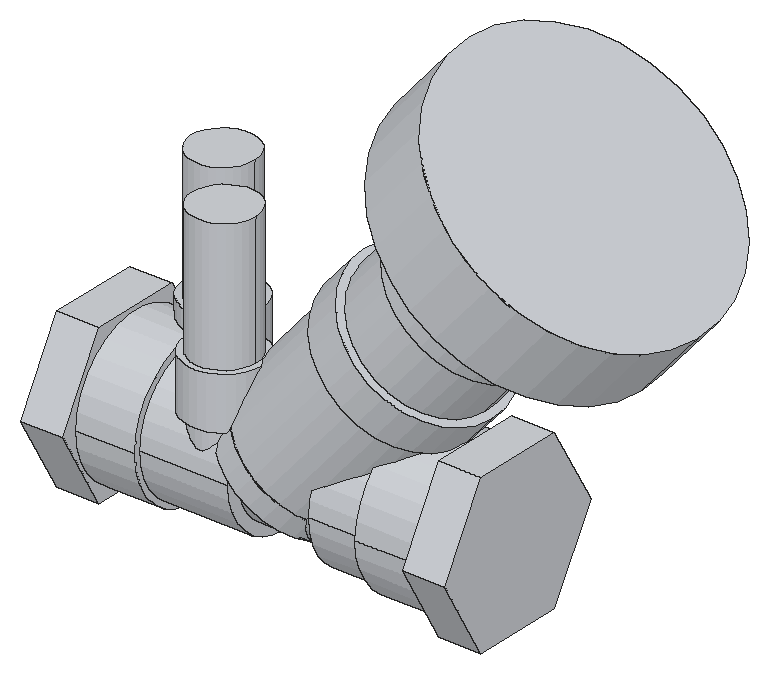
Revit family "D9515-DN25-RFA_2019", category Pipe Accessories, Revit 2019
Family settings
  Round Connector Dimension = Use Diameter
  Part Type = Valve - Breaks Into
  Work Plane-Based = No
  Always vertical = Yes
  Cut with Voids When Loaded = No
  Shared = No
Parameters (values of type "D9515 DN25")
  magiProductId = "e8aaae3d88cc438088acb51c2ae749"
  magiProductFamilyId = "2231140663314cd0b01ba8939d6b11"
  magiPartTypeId = 304
  isMeasuringValve [instance] = no
  ang2D [instance] = 0.00°
  W2D = 15 mm
  W21 = 8.25 mm
  VersionID = "2.0/2017.10.31.1/VIR_9515_001"
  Use Minimum Symbol Size [instance] = yes
  URL = "www.hydronix.cz"
  Type Comments = "Ruční vyvažovací ventil s měřením na cloně; PN25; -10~+130°C; (měřicí vsuvky -10~+120°C)"
  RN2 = 21.45 mm
  RN = 21.45 mm
  R7 = 9 mm
  R6 = 7.5 mm
  R3 = 17.875 mm
  R2 = 16.5 mm
  R14 = 20 mm
  R13 = 17.875 mm
  R12 = 19.663 mm
  R11 = 17.875 mm
  R1 = 13.75 mm
  QmdConnectorList = "301;D;302;D"
  Productdata [instance] = ""
  NUT1 = no
  Manufacturer = "Hydronix"
  MC Product Code = "9515 025 (DN25, PN25; kvs6,24; kvc9,72)"
  MC Piping Given Pressure Drop [instance] = 0.0 Pa
  L_2 = 50 mm
  L5 = 2 mm
  L4__ve = -L4  # -21 mm
  L4 = 21 mm
  L3 = 12 mm
  L2__ve = -L2  # -14 mm
  L2D_Min = 3048 mm
  L2D = 87.8 mm
  L22 = 21 mm
  L21 = 7.5 mm
  L2 = 14 mm
  L1__ve = -L1  # -10 mm
  L1 = 10 mm
  HWR = 35 mm
  H24 = 30.9 mm
  H23 = 12.36 mm
  H22 = 9.975 mm
  H21 = 9.875 mm
  H15 = 20 mm
  H14 = 17.088 mm
  H13 = 9 mm
  H12 = 10 mm
  H11 = 32 mm
  H10 = 6 mm
  Description = "Ruční vyvažovací ventil s měřením na cloně; PN25"
  D = 25 mm
  CenSd_RN_6 = RN * cos(30.00°)  # 18.576 mm
  CenSd_RN2_6 = RN2 * cos(30.00°)  # 18.576 mm
  CAT0 = yes
Types (6, lengths in mm): name | magiProductId | W21 | RN2 | RN | R3 | R2 | R13 | R12 | R11 | R1 | MC Product Code | L_2 | L3 | L2__ve | L2 | L1__ve | L1 | H24 | H23 | H22 | H21 | H14 | H12 | H10 | D | CenSd_RN_6 | CenSd_RN2_6
  D9515 DN15 | "17cbc467cde14417a5a74aa240a316" | 6.75 | 17.55 | 17.55 | 14.625 | 13.5 | 14.625 | 16.087 | 14.625 | 11.25 | "9515 015 (DN15, PN25; kvs1,92; kvc2,80)" | 43.9 | 10 | -12 | 12 | -8 | 8 | 30.9 | 12.36 | 6.725 | 6.625 | 19.088 | 10 | 4 | 15 | 15.199 | 15.199
  D9515 DN20 | "db511cd39f454f418d6e49e6ac0c56" | 7.5 | 19.5 | 19.5 | 16.25 | 15 | 16.25 | 17.875 | 16.25 | 12.5 | "9515 020 (DN20, PN25; kvs3,67; kvc5,33)" | 47.95 | 10 | -12 | 12 | -9 | 9 | 30.9 | 12.36 | 8.35 | 8.25 | 18.088 | 10 | 5 | 20 | 16.887 | 16.887
  D9515 DN25 | "e8aaae3d88cc438088acb51c2ae749" | 8.25 | 21.45 | 21.45 | 17.875 | 16.5 | 17.875 | 19.663 | 17.875 | 13.75 | "9515 025 (DN25, PN25; kvs6,24; kvc9,72)" | 50 | 12 | -14 | 14 | -10 | 10 | 30.9 | 12.36 | 9.975 | 9.875 | 17.088 | 10 | 6 | 25 | 18.576 | 18.576
  D9515 DN32 | "dc2d0354abae4200a8eaff76faf524" | 9.3 | 20.4 | 24.18 | 20.15 | 18.6 | 17 | 22.165 | 20.15 | 15.5 | "9515 032 (DN32, PN25; kvs12,54; kvc20,25)" | 58.75 | 13 | -15 | 15 | -11.4 | 11.4 | 36.9 | 14.76 | 12.25 | 12.15 | 37.197 | 15 | 7 | 32 | 20.94 | 17.667
  D9515 DN40 | "9b6b6dd7761a428fa780a8a57ab3c3" | 10.5 | 20.4 | 27.3 | 22.75 | 21 | 17 | 25.025 | 22.75 | 17.5 | "9515 040 (DN40, PN25; kvs19,59; kvc30,23)" | 63.5 | 14 | -16 | 16 | -13 | 13 | 37.5 | 15 | 14.85 | 14.75 | 38.807 | 15 | 8 | 40 | 23.642 | 17.667
  D9515 DN50 | "6b5b9dd02a164b53a7f96efb176f34" | 12 | 20.4 | 31.2 | 26 | 24 | 17 | 28.6 | 26 | 20 | "9515 050 (DN50, PN25; kvs29,72; kvc55,07)" | 72.65 | 15 | -17 | 17 | -15 | 15 | 40.8 | 16.32 | 18.1 | 18 | 51.167 | 15 | 10 | 50 | 27.02 | 17.667
Reference planes
  plane 1 "Center (Front/Back)": y = 0
  plane 2 "XYPLANE": z = 0
  plane 3 "Center (Left/Right)": x = 0
  plane 4 "329": through (-572.677, 0, 486.687) normal (0.6428, 0, 0.766)
  plane 5 "328": y = -8.25
  plane 6 "327": y = 8.25
  plane 7 "312": through (-552.107, 0, 511.2) normal (0.6428, 0, 0.766)
  plane 8 "176": z = 22.235
  plane 9 "173": z = 9.975
  plane 10 "163": x = -2
  plane 11 "158": x = 14
  plane 12 "157": x = 26
  plane 13 "154": x = -5
  plane 14 "83": z = 22.335
  plane 15 "76": x = -26
  plane 16 "73": z = 9.875
  plane 17 "70": z = 0
  plane 18 "69": y = 0
  plane 19 "68": x = -12.5
  plane 20 "60": through (-521.84, 0, 547.272) normal (0.6428, 0, 0.766)
  plane 21 "57": through (-534.695, 0, 531.951) normal (0.6428, 0, 0.766)
  plane 22 "54": through (-545.68, 0, 518.861) normal (0.6428, 0, 0.766)
  plane 23 "32": through (-576.533, 0, 482.091) normal (0.6428, 0, 0.766)
  plane 24 "31": y = 0
  plane 25 "30": through (480.091, 0, 574.533) normal (0.766, 0, -0.6428)
  plane 26 "21": x = -26
  plane 27 "20": x = 40
  plane 28 "19": x = -40
  plane 29 "13": x = 0
  plane 30 "11": x = 50
  plane 31 "10": x = -50
  plane 32 "9": y = 0
  plane 33 "8": z = 0
  plane 34 "65XY": z = 0
  plane 35 "65XZ": y = 0
  plane 36 "65YZ": x = -2.9
  plane 37 "27XY": through (-576.533, 0, 482.091) normal (0.6428, 0, 0.766)
  plane 38 "27XZ": y = 0
  plane 39 "27YZ": through (480.091, 0, 574.533) normal (0.766, 0, -0.6428)
Forms (mm)
  Extrusion 1, solid, visible <- "CAT0"
    sketch origin (-576.533, 0, 482.091) x (0.766044, 0, -0.642788) y (0, 1, 0)
      loop
        circle (750, 0) r 17.875
    from 0 to 6 <- "H10"
  Extrusion 2, solid
    sketch origin (26, -750, 0) x (0, 1, 0) y (0, 0, 1)
      loop
        circle (750, 0) r 17.875
    from 0 to 14 <- "L2"
  Extrusion 3, solid
    sketch origin (14, -750, 0) x (0, 1, 0) y (0, 0, 1)
      loop
        circle (750, 0) r 16.5
    from 0 to 12 <- "L3"
  Extrusion 4, solid
    sketch origin (-26, -750, 0) x (0, 1, 0) y (0, 0, 1)
      loop
        circle (750, 0) r 17.875
    from 0 to -14 <- "L2__ve"
  Extrusion 5, solid
    sketch origin (-5, -750, 0) x (0, 1, 0) y (0, 0, 1)
      loop
        circle (750, 0) r 16.5
    from 0 to -21 <- "L4__ve"
  Extrusion 6, solid
    sketch origin (-572.677, 0, 486.687) x (0.766044, 0, -0.642788) y (0, 1, 0)
      loop
        circle (750, 0) r 17.875
    from 0 to 32 <- "H11"
  Extrusion 7, solid
    sketch origin (-2.9, 750, 22.235) x (0, -1, 0) y (1, 0, 0)
      loop
        circle (741.75, -23.1) r 7.5
    from 0 to 30.9 <- "H24"
  Extrusion 8, solid
    sketch origin (-2.9, 750, 9.875) x (0, -1, 0) y (1, 0, 0)
      loop
        circle (741.75, -23.1) r 9
    from 0 to 12.36 <- "H23"
  Extrusion 9, solid
    sketch origin (-545.68, 0, 518.861) x (0.766044, 0, -0.642788) y (0, 1, 0)
      loop
        circle (750, 0) r 17.875
    from 0 to 17.088 <- "H14"
  Extrusion 10, solid, visible <- "NUT1"
    sketch origin (-545.68, 0, 518.861) x (0.766044, 0, -0.642788) y (0, 1, 0)
      loop
        line (750, 21.45) -> (731.424, 10.725) -> (731.424, -10.725) -> (750, -21.45) -> (768.576, -10.725) -> (768.576, 10.725) -> (750, 21.45)
    from 0 to 9 <- "H13"
  Blend 11, solid
    base sketch origin (-5, -750, 0) x (0, 1, 0) y (0, 0, 1)
      loop
        circle (750, 0) r 13.75
    top sketch origin (-5, -750, 0) x (0, 1, 0) y (0, 0, 1)
      loop
        circle (750, 0) r 13.75
    from 0 to 19
  Extrusion 12, solid
    sketch origin (-2.9, 750, 0) x (0, -1, 0) y (1, 0, 0)
      loop
        circle (758.25, -9.6) r 7.5
    from 0 to 9.975 <- "H22"
  Extrusion 13, solid
    sketch origin (-2.9, 750, 22.335) x (0, -1, 0) y (1, 0, 0)
      loop
        circle (758.25, -9.6) r 7.5
    from 0 to 30.9 <- "H24"
  Extrusion 14, solid
    sketch origin (-2.9, 750, 0) x (0, -1, 0) y (1, 0, 0)
      loop
        circle (741.75, -23.1) r 7.5
    from 0 to 9.875 <- "H21"
  Extrusion 15, solid
    sketch origin (-2.9, 750, 9.975) x (0, -1, 0) y (1, 0, 0)
      loop
        circle (758.25, -9.6) r 9
    from 0 to 12.36 <- "H23"
  Extrusion 16, solid, visible <- "CAT0"
    sketch origin (-521.84, 0, 547.272) x (0.766044, 0, -0.642788) y (0, 1, 0)
      loop
        circle (750, 0) r 35
    from 0 to 20 <- "H15"
  Extrusion 17, solid
    sketch origin (-534.695, 0, 531.951) x (0.766044, 0, -0.642788) y (0, 1, 0)
      loop
        circle (750, 0) r 20
    from 0 to 20 <- "H15"
  Extrusion 18, solid
    sketch origin (-552.107, 0, 511.2) x (0.766044, 0, -0.642788) y (0, 1, 0)
      loop
        circle (750, 0) r 19.663
    from 0 to 10 <- "H12"
  Extrusion 19, solid
    sketch origin (50, -750, 0) x (0, 1, 0) y (0, 0, 1)
      loop
        line (728.55, 0) -> (739.275, -18.576) -> (760.725, -18.576) -> (771.45, 0) -> (760.725, 18.576) -> (739.275, 18.576) -> (728.55, 0)
    from 0 to -10 <- "L1__ve"
  Extrusion 20, solid
    sketch origin (-50, -750, 0) x (0, 1, 0) y (0, 0, 1)
      loop
        line (771.45, 0) -> (760.725, 18.576) -> (739.275, 18.576) -> (728.55, 0) -> (739.275, -18.576) -> (760.725, -18.576) -> (771.45, 0)
    from 0 to 10 <- "L1"
  Extrusion 21, solid, not visible
    sketch origin (50, -750, 0) x (0, 1, 0) y (0, 0, 1)
      loop
        circle (750, 0) r 11.5
    from 0 to -10
  Extrusion 22, solid, not visible
    sketch origin (-50, -750, 0) x (0, 1, 0) y (0, 0, 1)
      loop
        circle (750, 0) r 11.5
    from 0 to 10
Lines and regions (mm)
  reference lines, not visible
    curve 1: circle (2, 2, 0) r 1 normal (0, 0, 1)
  reference lines
    curve 2: line (28.854, 0, 36.77) -> (34.675, -4.387, 31.885)
    curve 3: line (28.854, 0, 36.77) -> (28.854, -8.775, 36.77)
    curve 4: line (28.854, 0, 36.77) -> (23.032, -4.387, 41.655)
    curve 5: line (50, 0, 0) -> (50, 4.387, -7.599)
    curve 6: line (50, 0, 0) -> (50, 8.775, 0)
    curve 7: line (50, 0, 0) -> (50, 4.387, 7.599)
    curve 8: line (-50, 0, 0) -> (-50, -4.387, -7.599)
    curve 9: line (-50, 0, 0) -> (-50, -8.775, 0)
    curve 10: line (-50, 0, 0) -> (-50, -4.387, 7.599)
Dimensions and locks
  plane 1 "Center (Front/Back)" to curve 1 = 2 mm
  "H10": plane 23 "32" to plane 4 "329"
  "W21": plane 18 "69" to plane 5 "328"
  "W21": plane 18 "69" to plane 6 "327"
  "H11": plane 4 "329" to plane 7 "312"
  "H23": plane 16 "73" to plane 8 "176"
  "H22": plane 17 "70" to plane 9 "173"
  "L5": plane 29 "13" to plane 10 "163"
  "L3": plane 12 "157" to plane 11 "158"
  "L2": plane 27 "20" to plane 12 "157"
  "L4": plane 26 "21" to plane 13 "154"
  "H23": plane 9 "173" to plane 14 "83"
  "L22": plane 13 "154" to plane 15 "76"
  "H21": plane 17 "70" to plane 16 "73"
  locked: plane 33 "8" to plane 17 "70"
  locked: plane 32 "9" to plane 18 "69"
  "L21": plane 13 "154" to plane 19 "68"
  "H15": plane 21 "57" to plane 20 "60"
  "H14": plane 22 "54" to plane 21 "57"
  "H12": plane 7 "312" to plane 22 "54"
  locked: plane 37 "27XY" to plane 23 "32"
  locked: plane 32 "9" to plane 24 "31"
  locked: plane 39 "27YZ" to plane 25 "30"
  "L2": plane 28 "19" to plane 26 "21"
  "L1": plane 30 "11" to plane 27 "20"
  "L1": plane 31 "10" to plane 28 "19"
  locked: plane 3 "Center (Left/Right)" to plane 29 "13"
  "L_2": plane 3 "Center (Left/Right)" to plane 30 "11"
  "L_2": plane 3 "Center (Left/Right)" to plane 31 "10"
  locked: plane 1 "Center (Front/Back)" to plane 32 "9"
  locked: plane 2 "XYPLANE" to plane 33 "8"
  "CenSd_RN2_6": curve 2 to Extrusion 10 sketch curve  (x2)
  "CenSd_RN2_6": curve 3 to Extrusion 10 sketch curve  (x2)
  "CenSd_RN2_6": curve 4 to Extrusion 10 sketch curve  (x2)
  Extrusion 10 sketch curve to Extrusion 10 sketch curve = 0 mm  (x12)
  "CenSd_RN_6": curve 5 to Extrusion 19 sketch curve  (x2)
  "CenSd_RN_6": curve 6 to Extrusion 19 sketch curve  (x2)
  "CenSd_RN_6": curve 7 to Extrusion 19 sketch curve  (x2)
  Extrusion 19 sketch curve to Extrusion 19 sketch curve = 0 mm  (x12)
  "CenSd_RN_6": curve 8 to Extrusion 20 sketch curve  (x2)
  "CenSd_RN_6": curve 9 to Extrusion 20 sketch curve  (x2)
  "CenSd_RN_6": curve 10 to Extrusion 20 sketch curve  (x2)
  Extrusion 20 sketch curve to Extrusion 20 sketch curve = 0 mm  (x12)
  "R11": radius of Extrusion 1 sketch curve
  "R3": radius of Extrusion 2 sketch curve
  "R2": radius of Extrusion 3 sketch curve
  "R3": radius of Extrusion 4 sketch curve
  "R2": radius of Extrusion 5 sketch curve
  "R11": radius of Extrusion 6 sketch curve
  "R6": radius of Extrusion 7 sketch curve
  "R7": radius of Extrusion 8 sketch curve
  "R13": radius of Extrusion 9 sketch curve
  "R1": radius of Blend 11 sketch curve  (x2)
  "R6": radius of Extrusion 12 sketch curve
  "R6": radius of Extrusion 13 sketch curve
  "R6": radius of Extrusion 14 sketch curve
  "R7": radius of Extrusion 15 sketch curve
  "HWR": radius of Extrusion 16 sketch curve
  "R14": radius of Extrusion 17 sketch curve
  "R12": radius of Extrusion 18 sketch curve
  locked: curve 3 to curve 2 (angle 60.00°)
  locked: curve 4 to curve 3 (angle 60.00°)
  locked: curve 4 to curve 2 (angle 120.00°)
  locked: curve 6 to curve 5 (angle 60.00°)
  locked: curve 7 to curve 6 (angle 60.00°)
  locked: curve 7 to curve 5 (angle 120.00°)
  locked: curve 9 to curve 8 (angle 60.00°)
  locked: curve 10 to curve 9 (angle 60.00°)
  locked: curve 10 to curve 8 (angle 120.00°)
  aligned and locked: level to plane 2 "XYPLANE"
  aligned and locked: plane 24 "31" to Extrusion 1 sketch curve
  aligned and locked: Extrusion 1 sketch curve to plane 25 "30"
  aligned and locked: Extrusion 2 sketch curve to plane 32 "9"
  aligned and locked: plane 33 "8" to Extrusion 2 sketch curve
  aligned and locked: Extrusion 3 sketch curve to plane 32 "9"
  aligned and locked: plane 33 "8" to Extrusion 3 sketch curve
  aligned and locked: Extrusion 4 sketch curve to plane 32 "9"
  aligned and locked: plane 33 "8" to Extrusion 4 sketch curve
  aligned and locked: Extrusion 5 sketch curve to plane 32 "9"
  aligned and locked: plane 33 "8" to Extrusion 5 sketch curve
  aligned and locked: plane 24 "31" to Extrusion 6 sketch curve
  aligned and locked: Extrusion 6 sketch curve to plane 25 "30"
  aligned and locked: plane 6 "327" to Extrusion 7 sketch curve
  aligned and locked: plane 15 "76" to Extrusion 7 sketch curve
  aligned and locked: plane 6 "327" to Extrusion 8 sketch curve
  aligned and locked: plane 15 "76" to Extrusion 8 sketch curve
  aligned and locked: plane 24 "31" to Extrusion 9 sketch curve
  aligned and locked: Extrusion 9 sketch curve to plane 25 "30"
  aligned and locked: curve 2 to plane 25 "30"
  aligned and locked: plane 24 "31" to curve 3
  aligned and locked: Blend 11 sketch curve to plane 32 "9"  (x2)
  aligned and locked: plane 33 "8" to Blend 11 sketch curve  (x2)
  aligned and locked: plane 11 "158" to Blend 11
  aligned and locked: plane 5 "328" to Extrusion 12 sketch curve
  aligned and locked: plane 19 "68" to Extrusion 12 sketch curve
  aligned and locked: plane 5 "328" to Extrusion 13 sketch curve
  aligned and locked: plane 19 "68" to Extrusion 13 sketch curve
  aligned and locked: plane 6 "327" to Extrusion 14 sketch curve
  aligned and locked: plane 15 "76" to Extrusion 14 sketch curve
  aligned and locked: plane 5 "328" to Extrusion 15 sketch curve
  aligned and locked: plane 19 "68" to Extrusion 15 sketch curve
  aligned and locked: plane 24 "31" to Extrusion 16 sketch curve
  aligned and locked: Extrusion 16 sketch curve to plane 25 "30"
  aligned and locked: plane 24 "31" to Extrusion 17 sketch curve
  aligned and locked: Extrusion 17 sketch curve to plane 25 "30"
  aligned and locked: plane 24 "31" to Extrusion 18 sketch curve
  aligned and locked: Extrusion 18 sketch curve to plane 25 "30"
  aligned and locked: curve 7 to plane 32 "9"
  aligned and locked: plane 33 "8" to curve 7
  aligned and locked: curve 10 to plane 32 "9"
  aligned and locked: plane 33 "8" to curve 10
  aligned and locked: Extrusion 21 sketch curve to plane 32 "9"
  aligned and locked: plane 33 "8" to Extrusion 21 sketch curve
  aligned and locked: Extrusion 22 sketch curve to plane 32 "9"
  aligned and locked: plane 33 "8" to Extrusion 22 sketch curve
Automatic sketch dimensions
  Extrusion 21 sketch curve to plane 5 "328" = 3.25 mm
  Extrusion 22 sketch curve to plane 5 "328" = 3.25 mm
  plane 3 "Center (Left/Right)" to curve 1 = 2 mm
  radius of curve 1 = 1 mm
Connectors
  piping at (-50, 0, 0), diameter 25, driven by "D"
    settings: on Extrusion 22, index 1, connector inside diameter 609.6 mm, connector length 0 mm, flow factor 0, pipe flow 0.0 L/s, pressure drop 0.0 Pa, fitting loss kfactor 0, connector angle 0.00°, fixture units 0, engagement length 0 mm, angle of deflection 0.00°, flow configuration 0, flow direction 0, fitting loss method 0, system type 29, joint type 0, gender type 0, connector reference index 2, connector utility 0, adjustable connector no, is connector primary yes, connector description ""
  piping at (50, 0, 0), diameter 25, driven by "D"
    settings: on Extrusion 21, index 2, connector inside diameter 609.6 mm, connector length 0 mm, flow factor 0, pipe flow 0.0 L/s, pressure drop 0.0 Pa, fitting loss kfactor 0, connector angle 0.00°, fixture units 0, engagement length 0 mm, angle of deflection 0.00°, flow configuration 0, flow direction 0, fitting loss method 0, system type 29, joint type 0, gender type 0, connector reference index 1, connector utility 0, adjustable connector no, is connector primary no, connector description ""
